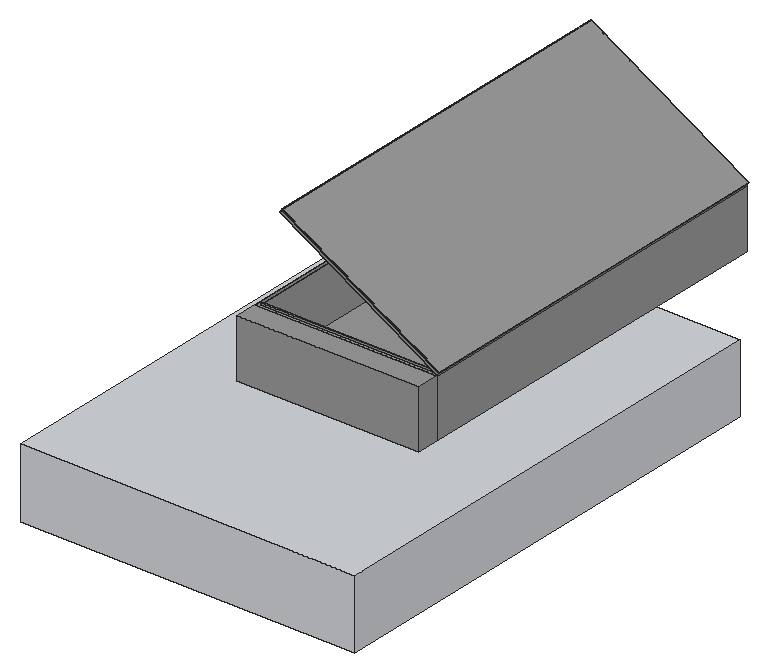
Revit family "Hager-Univers-IP55-D275-H1800-Cl.I-Steel_encl-CH-it", category Equipement électrique, Revit 2020
Family settings
  Hôte = Face
  Configuration du panneau = Deux colonnes, circuits au sein
  Cote de connecteur circulaire = Utiliser le diamètre
  Type d'élément = Tableau de raccordement
  Couper avec des vides une fois chargée = Non
  Partagée = Non
  Point de calcul de pièce = Non
Parameters (values of type "montaggio a pavimento IP55 L800 A1800 P275  - FR13E1")
  Width Control [instance] = if([EF000008 - Larghezza] > Min Width, [EF000008 - Larghezza], Min Width)  # 800 mm
  Commentaires du type = [HG000003 - Gamma]  # "Univers"
  Thickness Door [instance] = if([EF009171 - spessore materiale porta/coperchio] > 3 mm, 3 mm, [EF009171 - spessore materiale porta/coperchio])  # 1.5 mm
  Seal Frame Offset [instance] = 17 mm  # constant formula
  Plinth Visibility [instance] = [HG000027 - Altezza dello zoccolo] > 0 mm  # yes
  Model = ""
  Min Width [instance] = 100 mm  # constant formula
  Min Height [instance] = 100 mm  # constant formula
  Min Depth [instance] = (2 * [EF009170 - spessore materiale scatola]) + 1 mm  # 4 mm
  Internal Frame Depth [instance] = (Door System Depth * 0.5)  # 9 mm
  Height Control [instance] = if([EF000040 - Altezza] > Min Height, [EF000040 - Altezza], Min Height)  # 1800 mm
  HG000027 - Altezza dello zoccolo = 100 mm
  HG000026 - A pavimento = yes
  HG000024 - Altezza della sezione inferiore = 800 mm
  HG000023 - Custodia a doppia sezione = no
  HG000016 - Visibilità delle porte nella vista 3D [instance] = yes
  HG000015 - Visibilità attraverso la porta [instance] = no
  HG000014 - Porta destra [instance] = yes
  HG000013 - Porta sinistra [instance] = not([HG000014 - Porta destra])  # no
  HG000012 - Angolo di apertura della porta [instance] = 30.00°
  HG000010 - Porte asimmetriche = no
  HG000009 - Porta doppia a battente = no
  HG000006 - Ad incasso = no
  HG000004 - Codice produttore = "FR13E1"
  HG000003 - Gamma = "Univers"
  HG000002 - Con porta = yes
  Frame Offset Bottom [instance] = 10 mm  # constant formula
  Frame Offset [instance] = 15 mm  # constant formula
  EF015940 - Coprire con rilascio di sovrapressione = no
  EF011959 - tipo di protezione (NEMA) = ""
  EF009554 - numero delle aperture per la piastra della flangia = 6
  Fabricant = "Hager"  # constant formula
  EF009212 - esecuzione coperchio = "EV000116 - chiuso"
  EF009171 - spessore materiale porta/coperchio = 1.5 mm
  EF009170 - spessore materiale scatola = 1.5 mm
  EF008873 - corrente nominale (In) = 800 A
  EF007800 - adatto per parafulmine = no
  EF006306 - con serratura = no
  EF006244 - coperchio/porta trasparente = no
  EF005474 - grado di protezione (IP) = "EV006420 - IP55"
  EF004464 - tipo di porta = "EV002646 - singolo"
  EF004427 - numero di moduli = 396
  EF004293 - resistenza agli urti = "EV008784 - IK10"
  EF003532 - adatto per uso esterno = no
  EF002950 - Numero moduli DIN = 24
  EF001613 - Integrità del circuito = "EV000494 - senza"
  EF001596 - Attacco Lampada = "EV000179 - acciaio"
  EF001131 - profondità interna = 275 mm
  EF001088 - possibilità di applicazione = yes
  EF000437 - numero di ingressi per conduttori = 6
  EF000339 - tipo di copertura = "EV004216 - porta"
  EF000266 - numero di file = 11
  EF000218 - profondità di incasso = 0 mm
  EF000118 - con piastra di montaggio = no
  EF000116 - numero RAL = "7035"
  EF000049 - profondità = 275 mm
  EF000040 - Altezza = 1800 mm
  EF000008 - Larghezza = 800 mm
  EF000007 - colore = "EV000270 - grigio"
  EF000003 - Tipo di montaggio = "EV012274 - montaggio a pavimento"
  Door System Leaf Tolerance [instance] = 1.5 mm  # constant formula
  Door System Depth [instance] = 18 mm  # constant formula
  Door Height [instance] = Height Control - [HG000027 - Altezza dello zoccolo]  # 1700 mm
  Depth Control [instance] = if([EF000049 - profondità] > Min Depth, [EF000049 - profondità], Min Depth)  # 275 mm
  Default Elevation = 0 mm
  Connector Offset [instance] = Height Control / 2  # 900 mm
  Bottom Top Plate Trim [instance] = 1.5 mm  # constant formula
  Plinth height Ctrl [instance] = if([HG000027 - Altezza dello zoccolo] > 0 mm, [HG000027 - Altezza dello zoccolo], 12 mm)  # 100 mm
Types (5, lengths in mm): name | Width Control | HG000010 - Porte asimmetriche | HG000009 - Porta doppia a battente | HG000004 - Codice produttore | EF009554 - numero delle aperture per la piastra della flangia | EF004464 - tipo di porta | EF004427 - numero di moduli | EF000437 - numero di ingressi per conduttori | EF000008 - Larghezza
  montaggio a pavimento IP55 L1050 A1800 P275  - FR14E1 | 1050 | yes | yes | "FR14E1" | 8 | "EV003602 - doppio" | 528 | 8 | 1050
  montaggio a pavimento IP55 L1300 A1800 P275  - FR15E1 | 1300 | yes | yes | "FR15E1" | 10 | "EV003602 - doppio" | 660 | 10 | 1300
  montaggio a pavimento IP55 L300 A1800 P275  - FR11E1 | 300 | no | no | "FR11E1" | 2 | "EV002646 - singolo" | 132 | 2 | 300
  montaggio a pavimento IP55 L550 A1800 P275  - FR12E1 | 550 | no | no | "FR12E1" | 4 | "EV002646 - singolo" | 264 | 4 | 550
  montaggio a pavimento IP55 L800 A1800 P275  - FR13E1 | 800 | no | no | "FR13E1" | 6 | "EV002646 - singolo" | 396 | 6 | 800
Reference planes
  plane 1 "Center (Front/Back)": y = 0
  plane 2: z = 0
  plane 3 "Center (Left/Right)": x = 0
  plane 4: z = 275
  plane 5: y = 101.5
  plane 6: y = 950
  plane 7: y = 100
  plane 8: y = 1800
  plane 9: z = 0
  plane 10: x = -385
  plane 11: x = 385
  plane 12: x = 383.5
  plane 13: x = -383.5
  plane 14: y = 1798.5
  plane 15: x = -383
  plane 16: x = -400
  plane 17: x = 383
  plane 18: x = 400
  plane 19: x = 398.5
  plane 20: x = -398.5
  plane 21: y = 111.5
  plane 22: y = 1800
  plane 23: y = 1783.5
  plane 24: z = 257
  plane 25: z = 1.5
  plane 26: z = 255.5
  plane 27: z = 273.5
Forms (mm)
  Extrusion 1, solid
    sketch origin (0, 0, 0) x (1, 0, 0) y (0, 1, 0)
      loop
        line (-702.964, 1305) -> (-702.964, -811.445) -> (766.763, -811.445) -> (766.763, 1305) -> (-702.964, 1305)
    from 0 to -304.8
  Extrusion 2, solid, material "Hager_Steel_RAL7035_Light_Grey", visible <- "Plinth Visibility", detail levels medium+fine
    sketch origin (0, 0, 0) x (1, 0, 0) y (0, 1, 0)
      loop
        line (-400, 0) -> (400, 0) -> (400, 100) -> (-400, 100) -> (-400, 0)
    from 0 to 257
  Extrusion 3, solid, material "Hager_Steel_RAL7035_Light_Grey", detail levels medium+fine
    sketch origin (0, 0, 0) x (1, 0, 0) y (0, 1, 0)
      loop
        line (-400, 100) -> (400, 100) -> (400, 1800) -> (-400, 1800) -> (-400, 100)
    from 0 to 257
  Extrusion 4, void
    sketch origin (0, 0, 0) x (1, 0, 0) y (0, 1, 0)
      loop
        line (-398.5, 101.5) -> (398.5, 101.5) -> (398.5, 1798.5) -> (-398.5, 1798.5) -> (-398.5, 101.5)
    from 1.5 to 255.5
  Extrusion 5, void
    sketch origin (-381.607, -4572, 257) x (0, -1, 0) y (-1, 0, 0)
      loop
        line (-4683.5, 1.893) -> (-6355.5, 1.893) -> (-6355.5, -765.107) -> (-4683.5, -765.107) -> (-4683.5, 1.893)
    from 0 to 1.5 <- "EF009170 - spessore materiale scatola"
  Extrusion 6, solid, material "Hager_Steel_RAL7035_Light_Grey", detail levels fine
    sketch origin (0, 0, 257) x (1, 0, 0) y (0, 1, 0)
      loop
        line (-383.5, 1783.5) -> (-383.5, 111.5) -> (383.5, 111.5) -> (383.5, 1783.5) -> (-383.5, 1783.5)
      loop
        line (-385, 110) -> (385, 110) -> (385, 1785) -> (-385, 1785) -> (-385, 110)
    from 0 to 9 <- "Internal Frame Depth"
  Extrusion 7, solid, material "Hager_Steel_RAL7035_Light_Grey", detail levels coarse
    sketch origin (0, 0, 0) x (1, 0, 0) y (0, 1, 0)
      loop
        line (-400, 0) -> (400, 0) -> (400, 1800) -> (-400, 1800) -> (-400, 0)
    from 0 to 275
  Sweep 8, void
    path in 3D
      loop
        line (-400, 100, 0) -> (400, 100, 0) -> (400, 100, 257) -> (-400, 100, 257) -> (-400, 100, 0)
    profile origin (-400, 100, 128.5) x (-1, 0, 0) y (0, -1, 0)
      loop
        line (0, 0) -> (0, 1.5) -> (-1.5, 1.5)
        arc (-1.5, 1.5) -> (-1.061, 0.439) -> (0, 0) r 1.5
Cuts and joins
  Extrusion 4, Extrusion 5 cuts Extrusion 3
  Sweep 8 cuts Extrusion 2
Lines and regions (mm)
  Masking region 1
    outline origin (0, 0, 0) x (1, 0, 0) y (0, 0, 1)
      loop
        line (-400, 275) -> (-400, 0) -> (400, 0) -> (400, 275) -> (-400, 275)
  Masking region 2, detail levels medium+fine
    outline origin (0, 140, 0) x (0, 1, 0) y (0, 0, 1)
      loop
        line (-40, 0) -> (1660, 0) -> (1660, 257) -> (-40, 257) -> (-40, 0)
  Masking region 3, not visible, detail levels medium+fine
    outline origin (0, 297.922, 0) x (0, 1, 0) y (0, 0, 1)
      loop
        line (663.578, 0) -> (703.578, 0) -> (703.578, 263.5)
        arc (703.578, 263.5) -> (700.649, 270.571) -> (693.578, 273.5) r 10
        line (693.578, 273.5) -> (663.578, 273.5) -> (663.578, 0)
  Masking region 4, detail levels coarse
    outline origin (0, 0, 180) x (0, 1, 0) y (0, 0, 1)
      loop
        line (0, -180) -> (1800, -180) -> (1800, 95) -> (0, 95) -> (0, -180)
  Masking region 5, visible <- "Plinth Visibility", detail levels medium+fine
    outline origin (0, 52.24, 12.345) x (0, 0, -1) y (0, 1, 0)
      loop
        line (10.845, 47.76) -> (-243.155, 47.76)
        arc (-243.155, 47.76) -> (-243.594, 46.699) -> (-244.655, 46.26) r 1.5
        line (-244.655, 46.26) -> (-244.655, -52.24) -> (12.345, -52.24) -> (12.345, 46.26)
        arc (12.345, 46.26) -> (11.285, 46.699) -> (10.845, 47.76) r 1.5
  Masking region 6, detail levels medium+fine
    outline origin (-381.607, -4572, 257) x (-1, 0, 0) y (0, -1, 0)
      loop
        line (18.393, -6372) -> (18.393, -4672) -> (-781.607, -4672) -> (-781.607, -6372) -> (18.393, -6372)
  Masking region 7, visible <- "Plinth Visibility", detail levels medium+fine
    outline origin (-381.607, -4727, 257) x (-1, 0, 0) y (0, -1, 0)
      loop
        arc (16.893, -4827) -> (17.332, -4825.939) -> (18.393, -4825.5) r 1.5
        line (18.393, -4825.5) -> (18.393, -4727) -> (-781.607, -4727) -> (-781.607, -4825.5)
        arc (-781.607, -4825.5) -> (-780.546, -4825.939) -> (-780.107, -4827) r 1.5
        line (-780.107, -4827) -> (16.893, -4827)
  Masking region 8, detail levels coarse
    outline origin (-442.548, -4669.526, 257) x (-1, 0, 0) y (0, -1, 0)
      loop
        line (-42.548, -6469.526) -> (-42.548, -4669.526) -> (-842.548, -4669.526) -> (-842.548, -6469.526) -> (-42.548, -6469.526)
  sketch lines
    curve 1: line (-400, 100, 257) -> (-400, 100, 0)
    curve 2: line (400, 100, 257) -> (-400, 100, 257)
    curve 3: line (400, 100, 257) -> (400, 100, 0)
    curve 4: line (-400, 100, 0) -> (400, 100, 0)
Dimensions and locks
  "Depth Control": plane 4 to Extrusion 1
  "HG000027 - Altezza dello zoccolo": plane 1 "Center (Front/Back)" to plane 7
  "EF009170 - spessore materiale scatola": plane 5 to plane 7
  locked: connector elem to plane 3 "Center (Left/Right)"
  equal spacing: plane 8, plane 6, plane 7
  locked: connector elem to plane 6
  "EF009170 - spessore materiale scatola": plane 8 to plane 14
  "EF009170 - spessore materiale scatola": plane 10 to plane 13
  "EF009170 - spessore materiale scatola": plane 12 to plane 11
  "Frame Offset": plane 20 to plane 13
  "Frame Offset": plane 12 to plane 19
  "EF009170 - spessore materiale scatola": plane 16 to plane 20
  "EF009170 - spessore materiale scatola": plane 19 to plane 18
  "Seal Frame Offset": plane 16 to plane 15
  "Seal Frame Offset": plane 17 to plane 18
  "Frame Offset Bottom": plane 21 to plane 5
  "Frame Offset": plane 14 to plane 23
  equal spacing: plane 16, plane 3 "Center (Left/Right)", plane 18
  "Width Control": plane 16 to plane 18
  "EF009170 - spessore materiale scatola": plane 4 to plane 27
  "EF009170 - spessore materiale scatola": plane 24 to plane 26
  "EF009170 - spessore materiale scatola": plane 25 to level
  "Door System Depth": plane 4 to plane 24
  "Height Control": plane 1 "Center (Front/Back)" to Extrusion 7 sketch curve
  "Height Control": Masking region 4 sketch curve to plane 1 "Center (Front/Back)"
  "Height Control": plane 1 "Center (Front/Back)" to plane 22
  "Bottom Top Plate Trim": profile plane to Sweep 8 sketch curve
  "Bottom Top Plate Trim": Sweep 8 sketch curve to profile plane
  "Plinth height Ctrl": plane 1 "Center (Front/Back)" to Extrusion 2 sketch curve
  "Plinth height Ctrl": Masking region 5 sketch curve to plane 1 "Center (Front/Back)"
  "Plinth height Ctrl": plane 1 "Center (Front/Back)" to Masking region 7 sketch curve
  "Thickness Door": Extrusion 6 sketch curve to Extrusion 6 sketch curve  (x3)
  "Thickness Door": cut or joined group of Extrusion 3, Extrusion 4, Extrusion 5 to Extrusion 6 sketch curve
  radius of Masking region 3 sketch curve = 10 mm
  "Bottom Top Plate Trim": radius of Masking region 5 sketch curve  (x2)
  "Bottom Top Plate Trim": radius of Sweep 8 sketch curve
  "Bottom Top Plate Trim": radius of Masking region 7 sketch curve  (x2)
  aligned and locked: plane 2 to Extrusion 1
  aligned and locked: level to Extrusion 1
  aligned and locked: level to Masking region 1 sketch curve
  aligned and locked: Masking region 1 sketch curve to plane 18
  aligned and locked: Masking region 1 sketch curve to plane 16
  aligned and locked: plane 7 to Masking region 2 sketch curve
  aligned and locked: level to Masking region 3 sketch curve
  aligned and locked: Masking region 3 sketch curve to plane 27
  aligned and locked: level to Masking region 2 sketch curve
  aligned and locked: plane 1 "Center (Front/Back)" to Extrusion 2 sketch curve
  aligned and locked: Extrusion 3 sketch curve to plane 7
  aligned and locked: plane 16 to Extrusion 3 sketch curve
  aligned and locked: plane 18 to Extrusion 3 sketch curve
  aligned and locked: plane 20 to Extrusion 4 sketch curve
  aligned and locked: plane 19 to Extrusion 4 sketch curve
  aligned and locked: Extrusion 4 sketch curve to plane 5
  aligned and locked: Extrusion 4 to plane 25
  aligned and locked: plane 26 to Extrusion 4
  aligned and locked: plane 24 to Extrusion 3
  aligned and locked: Extrusion 5 sketch curve to plane 21
  aligned and locked: Extrusion 5 sketch curve to plane 13
  aligned and locked: Extrusion 5 sketch curve to plane 12
  aligned and locked: plane 18 to Extrusion 7 sketch curve
  aligned and locked: plane 1 "Center (Front/Back)" to Extrusion 7 sketch curve
  aligned and locked: plane 16 to Extrusion 7 sketch curve
  aligned and locked: plane 4 to Extrusion 7
  aligned and locked: Extrusion 7 to level
  aligned and locked: level to Masking region 4 sketch curve
  aligned and locked: Masking region 4 sketch curve to plane 1 "Center (Front/Back)"
  aligned and locked: Masking region 4 sketch curve to plane 4
  aligned and locked: nested 1 to level
  aligned and locked: nested 1 to plane 16
  aligned and locked: plane 8 to Extrusion 3 sketch curve
  aligned and locked: plane 23 to Extrusion 5 sketch curve
  aligned and locked: plane 14 to Extrusion 4 sketch curve
  aligned and locked: Masking region 2 sketch curve to plane 8
  aligned and locked: level to Masking region 5 sketch curve
  aligned and locked: plane 16 to Extrusion 2 sketch curve
  aligned and locked: plane 18 to Extrusion 2 sketch curve
  aligned and locked: Masking region 5 sketch curve to plane 24
  aligned and locked: Masking region 2 sketch curve to plane 24
  aligned and locked: plane 24 to Extrusion 2
  aligned and locked: profile plane to Sweep 8 sketch curve  (x2)
  aligned and locked: Masking region 6 sketch curve to plane 18
  aligned and locked: Masking region 6 sketch curve to plane 22
  aligned and locked: Masking region 6 sketch curve to plane 16
  aligned and locked: plane 8 to plane 22
  aligned and locked: Masking region 6 sketch curve to plane 7
  aligned and locked: Masking region 7 sketch curve to plane 16
  aligned and locked: Masking region 7 sketch curve to plane 1 "Center (Front/Back)"
  aligned and locked: Masking region 7 sketch curve to plane 18
  aligned and locked: Masking region 8 sketch curve to plane 1 "Center (Front/Back)"
  aligned and locked: Masking region 8 sketch curve to plane 18
  aligned and locked: Masking region 8 sketch curve to plane 22
  aligned and locked: Masking region 8 sketch curve to plane 16
  aligned and locked: nested 2 to plane 7
  aligned and locked: plane 3 "Center (Left/Right)" to nested 2
  aligned and locked: nested 2 to plane 24
  aligned and locked: Extrusion 6 sketch curve to cut or joined group of Extrusion 3, Extrusion 4, Extrusion 5  (x4)
Automatic sketch dimensions
  Extrusion 1 sketch curve to Extrusion 1 sketch curve = 1469.727 mm
  Extrusion 1 sketch curve to Extrusion 1 sketch curve = 2116.445 mm
  Masking region 1 sketch curve to plane 4 = 0 mm
  plane 6 to Masking region 3 sketch curve = 11.5 mm
  Masking region 3 sketch curve to Masking region 3 sketch curve = 30 mm
  Masking region 5 sketch curve to plane 1 "Center (Front/Back)" = 0 mm
Nested families
  nested 1: "Hager_Enclosure_Symbol" at (-400, 0, 0) x (1, 0, 0) z (0, -1, 0), Height <- "Depth Control", Width <- "Width Control", type "Hager_Enclosure_Symbol"
    with Width_Ctrl 800 mm, Width 800 mm, Height_Ctrl 275 mm, Height 275 mm, A_Width_Int 18.047 mm, A_Width 216.562 mm, A_Height_Ctrl 240.625 mm, A_Height 240.625 mm
  nested 2: "EC000058_Univers_Door" at (0, 100, 257) x (1, 0, 0) z (0, 1, 0), Leaf_Tolerance <- "Door System Leaf Tolerance", Angle <- "HG000012 - Angolo di apertura della porta", Door_Depth <- "Door System Depth", Door_Left <- "HG000013 - Porta sinistra", Transparent <- "EF006244 - coperchio/porta trasparente", Assymetrical <- "HG000010 - Porte asimmetriche", Width <- "Width Control", Clearance <- "HG000015 - Visibilità attraverso la porta", Double <- "HG000009 - Porta doppia a battente", 3d_Door <- "HG000016 - Visibilità delle porte nella vista 3D", Lock_Visibility <- "EF006306 - con serratura", Width_Ctrl <- "Width Control", Door_Right <- "HG000014 - Porta destra", Door <- "HG000002 - Con porta", Height <- "Door Height", Thickness <- "Thickness Door", type "EC000058_Univers_Door", detail levels medium+fine
    with min_wh 4 mm, Width_Ctrl 800 mm, Width 800 mm, Transparent no, Thickness 1.5 mm, Seal_Material Hager_Rubber, Lock_Visibility no, Lock_Material Hager_Plastic_RAL9005_Jet_Black, Leaf_Width 800 mm, Leaf_Tolerance_External_Sides 0 mm, Leaf_Tolerance 1.5 mm, Leaf_Offset 0 mm, Leaf_Height 1697 mm, Leaf_2_Width 800 mm, Leaf_2_Offset 400 mm, Leaf_1_Width 800 mm, Leaf_1_Offset 400 mm, Height_Ctrl 1700 mm, Height 1700 mm, Glass_Material Hager_Glass, Double_Clearance_Ctrl no, Double no, Door_Right_Ctrl yes, Door_Right yes, Door_Material Hager_Steel_RAL7035_Light_Grey, Door_Left_Ctrl no, Door_Left no, Door_Depth 18 mm, Door yes, Clearance_Material Hager_Clearance, Clearance_Depth 800 mm, Clearance_Ctrl no, Clearance no, Assymetrical no, Angle 30.00°, 3d_Door yes
Connectors
  electrical at (0, 950, 0)
    settings: on plane 9, index 1, voltage 0 V, apparent load 0 VA, apparent load phase1 0 VA, apparent load phase2 0 VA, apparent load phase3 0 VA, power factor 1, load classification "Other", number of poles 1, system type 30, power factor state 1, is connector primary yes, connector utility no, sub classification motor no, connector description ""
Definition of nested family "EC000058_Univers_Door"
  Parameters (values of type "EC000058_Univers_Door")
    min_wh [instance] = (2 * Thickness) + 1 mm  # 11 mm
    Width_Ctrl [instance] = 400 mm
    Width [instance] = 500 mm
    Transparent [instance] = yes
    Thickness [instance] = 5 mm
    Seal_Material [instance] = none
    Lock_Visibility [instance] = yes
    Lock_Material [instance] = none
    Leaf_Width [instance] = if((Width_Ctrl - 2 * Leaf_Tolerance_External_Sides) > 0 mm, (Width_Ctrl - 2 * Leaf_Tolerance_External_Sides), min_wh)  # 400 mm
    Leaf_Tolerance_External_Sides [instance] = 0 mm  # constant formula
    Leaf_Tolerance [instance] = 1.5 mm
    Leaf_Offset [instance] = 0 mm  # constant formula
    Leaf_Height [instance] = if((Height_Ctrl - 2 * Leaf_Tolerance) > 0 mm, (Height_Ctrl - 2 * Leaf_Tolerance), min_wh)  # 497 mm
    Leaf_2_Width [instance] = if(and(and(Double, Assymetrical), Door_Left), (Leaf_Width / 3) - (Leaf_Tolerance / 2), if(and(and(Double, Assymetrical), Door_Right), (Leaf_Width / 3) * 2 - (Leaf_Tolerance / 2), if(and(Double, not(Assymetrical)), (Leaf_Width / 2) - Leaf_Tolerance, Leaf_Width)))  # 400 mm
    Leaf_2_Offset [instance] = if(and(Double, Assymetrical), Leaf_2_Width / 2, if(and(Double, not(Assymetrical)), Leaf_Width / 4, Leaf_Width / 2))  # 200 mm
    Leaf_1_Width [instance] = if(and(and(Double, Assymetrical), Door_Right), (Leaf_Width / 3) - (Leaf_Tolerance / 2), if(and(and(Double, Assymetrical), Door_Left), (Width / 3) * 2 - (Leaf_Tolerance / 2), if(and(Double, not(Assymetrical)), (Leaf_Width / 2) - Leaf_Tolerance, Leaf_Width)))  # 400 mm
    Leaf_1_Offset [instance] = if(and(Double, Assymetrical), Leaf_1_Width / 2, if(and(Double, not(Assymetrical)), Leaf_Width / 4, Leaf_Width / 2))  # 200 mm
    Height_Ctrl [instance] = if(Height > min_wh, Height, min_wh)  # 500 mm
    Height [instance] = 500 mm
    Glass_Material [instance] = none
    Double_Clearance_Ctrl [instance] = and(Double, Clearance)  # no
    Double [instance] = no
    Door_Right_Ctrl [instance] = and(or(Door_Right, Double), Door)  # yes
    Door_Right [instance] = yes
    Door_Material [instance] = none
    Door_Left_Ctrl [instance] = and(or(Door_Left, Double), Door)  # no
    Door_Left [instance] = no
    Door_Depth [instance] = 30 mm
    Door [instance] = yes
    Default Elevation = 1219.2 mm
    Clearance_Material [instance] = none
    Clearance_Depth [instance] = if(Leaf_1_Width > Leaf_2_Width, Leaf_1_Width, Leaf_2_Width)  # 400 mm
    Clearance_Ctrl [instance] = and(not(Double), Clearance)  # yes
    Clearance [instance] = yes
    Assymetrical [instance] = yes
    Angle [instance] = 30.00°
    3d_Door [instance] = yes
  Reference planes
    plane 1 "Center (Front/Back)": y = 0
    plane 2 "Bottom": z = 0
    plane 3 "Center (Left/Right)": x = 0
    plane 4: z = 500
    plane 5: x = -200
    plane 6: x = 200
    plane 7: z = 500
    plane 8: x = -200
    plane 9: z = 0
    plane 10: x = 200
    plane 11: y = 0
    plane 12: z = 1.5
    plane 13: x = -600
    plane 14: y = -400
    plane 15: x = 600
    plane 16: x = 0
    plane 17: x = 0
    plane 18: x = -200
    plane 19: x = 200
    plane 20: z = 498.5
  Forms (mm)
    Extrusion 1, solid, material <- "Clearance_Material", visible <- "Double_Clearance_Ctrl"
      sketch origin (1200, 0, 0) x (1, 0, 0) y (0, 0, -1)
        loop
          line (-1800, -498.5) -> (-600, -498.5) -> (-600, 0) -> (-1800, 0) -> (-1800, -498.5)
      from 0 to -400
  Dimensions and locks
    equal spacing: plane 5, plane 3 "Center (Left/Right)", plane 6
    "Width_Ctrl": plane 5 to plane 6
    "Leaf_Offset": plane 5 to plane 8
    "Leaf_Offset": plane 6 to plane 10
    "Leaf_Offset": plane 9 to level
    "Leaf_Offset": plane 4 to plane 7
    "Height_Ctrl": plane 4 to level
    "Leaf_Tolerance": plane 12 to plane 9
    locked: plane 11 to plane 1 "Center (Front/Back)"
    "Leaf_1_Offset": plane 18 to plane 16
    "Leaf_2_Offset": plane 17 to plane 19
    "Leaf_1_Width": plane 13 to plane 8
    "Leaf_2_Width": plane 10 to plane 15
    "Clearance_Depth": plane 14 to plane 1 "Center (Front/Back)"
    "Leaf_Tolerance_External_Sides": plane 8 to plane 18
    "Leaf_Tolerance_External_Sides": plane 19 to plane 10
    "Leaf_Tolerance": plane 7 to plane 20
    aligned and locked: level to plane 2 "Bottom"
    aligned and locked: nested 1 to plane 16
    aligned and locked: nested 2 to plane 17
    aligned and locked: Extrusion 1 to plane 13
    aligned and locked: plane 15 to Extrusion 1
    aligned and locked: Extrusion 1 to plane 14
    aligned and locked: plane 12 to nested 1
    aligned and locked: nested 2 to plane 12
    aligned and locked: Extrusion 1 to plane 11
    aligned and locked: plane 20 to Extrusion 1
    aligned and locked: nested 2 to plane 11
    aligned and locked: nested 1 to plane 11
  Automatic sketch dimensions
    Extrusion 1 sketch curve to level = 0 mm
    plane 5 to Extrusion 1 sketch curve = 400 mm
    plane 6 to Extrusion 1 sketch curve = 400 mm
    Extrusion 1 sketch curve to plane 4 = 1.5 mm
  Nested families
    nested 1: "EC000058_Univers_Door_Leaf" at (0, 0, 1.5), Width <- "Leaf_1_Width", visible <- "Door_Left_Ctrl", Leaf_Height <- "Leaf_Height", Angle <- "Angle", 3d_Door <- "3d_Door", Transparent <- "Transparent", Clearance Material <- "Clearance_Material", Clearance <- "Clearance_Ctrl", Door_Material <- "Door_Material", Glass_Material <- "Glass_Material", Door_Depth <- "Door_Depth", Lock_Material <- "Lock_Material", Seal_Material <- "Seal_Material", Lock_Visibility <- "Lock_Visibility", Thickness <- "Thickness", type "EC000058_Univers_Door_Leaf"
      with Width 400 mm, Transparent_Glass_Offset 30 mm, Transparent_Ctrl yes, Transparent yes, Thickness 5 mm, Standard no, Seal_Material none, Seal_D2 8 mm, Seal_D1 1 mm, Offset_Internal_Frame 10 mm, Lock_Width 20 mm, Lock_Visibility_3d yes, Lock_Visibility yes, Lock_Thickness_3 3 mm, Lock_Thickness_2 1 mm, Lock_Thickness_1 3 mm, Lock_Radius_Offset_2 16 mm, Lock_Radius_Offset_1 15 mm, Lock_Radius_2 5 mm, Lock_Radius 6 mm, Lock_Offset 5 mm, Lock_Material none, Lock_Height 80 mm, Lock_Cover_Top_Offset_2d 17 mm, Lock_Cover_Height -65 mm, Leaf_Height 497 mm, Internal_Seal_Thickness 8 mm, Internal_Seal_Depth_2 4.5 mm, Internal_Frame_Depth 25 mm, Glass_Thickness -1 mm, Glass_Offset -2 mm, Glass_Material none, Door_Material none, Door_Depth 30 mm, Clearance Material none, Clearance yes, Angle_Ctrl 30.00°, Angle 30.00°, 3d_Door yes
    nested 2: "EC000058_Univers_Door_Leaf" at (0, 0, 1.5) x (-1, 0, 0) z (0, 0, 1), Width <- "Leaf_2_Width", visible <- "Door_Right_Ctrl", Leaf_Height <- "Leaf_Height", Angle <- "Angle", 3d_Door <- "3d_Door", Transparent <- "Transparent", Clearance Material <- "Clearance_Material", Clearance <- "Clearance_Ctrl", Door_Material <- "Door_Material", Glass_Material <- "Glass_Material", Door_Depth <- "Door_Depth", Lock_Material <- "Lock_Material", Seal_Material <- "Seal_Material", Lock_Visibility <- "Lock_Visibility", Thickness <- "Thickness", type "EC000058_Univers_Door_Leaf"
      with Width 400 mm, Transparent_Glass_Offset 30 mm, Transparent_Ctrl yes, Transparent yes, Thickness 5 mm, Standard no, Seal_Material none, Seal_D2 8 mm, Seal_D1 1 mm, Offset_Internal_Frame 10 mm, Lock_Width 20 mm, Lock_Visibility_3d yes, Lock_Visibility yes, Lock_Thickness_3 3 mm, Lock_Thickness_2 1 mm, Lock_Thickness_1 3 mm, Lock_Radius_Offset_2 16 mm, Lock_Radius_Offset_1 15 mm, Lock_Radius_2 5 mm, Lock_Radius 6 mm, Lock_Offset 5 mm, Lock_Material none, Lock_Height 80 mm, Lock_Cover_Top_Offset_2d 17 mm, Lock_Cover_Height -65 mm, Leaf_Height 497 mm, Internal_Seal_Thickness 8 mm, Internal_Seal_Depth_2 4.5 mm, Internal_Frame_Depth 25 mm, Glass_Thickness -1 mm, Glass_Offset -2 mm, Glass_Material none, Door_Material none, Door_Depth 30 mm, Clearance Material none, Clearance yes, Angle_Ctrl 30.00°, Angle 30.00°, 3d_Door yes
  Definition of nested family "EC000058_Univers_Door_Leaf"
    Parameters (values of type "EC000058_Univers_Door_Leaf")
      Width [instance] = 2000 mm
      Transparent_Glass_Offset [instance] = 30 mm
      Transparent_Ctrl [instance] = and(Transparent, [3d_Door])  # yes
      Transparent [instance] = yes
      Thickness [instance] = 5 mm
      Standard [instance] = and(not(Transparent), [3d_Door])  # no
      Seal_Material [instance] = none
      Seal_D2 [instance] = 8 mm  # constant formula
      Seal_D1 [instance] = 1 mm  # constant formula
      Offset_Internal_Frame [instance] = 10 mm  # constant formula
      Lock_Width [instance] = 20 mm  # constant formula
      Lock_Visibility_3d [instance] = and(Lock_Visibility, [3d_Door])  # yes
      Lock_Visibility [instance] = yes
      Lock_Thickness_3 [instance] = 3 mm  # constant formula
      Lock_Thickness_2 [instance] = 1 mm  # constant formula
      Lock_Thickness_1 [instance] = 3 mm  # constant formula
      Lock_Radius_Offset_2 [instance] = Lock_Radius_Offset_1 + 1 mm  # 16 mm
      Lock_Radius_Offset_1 [instance] = 15 mm  # constant formula
      Lock_Radius_2 [instance] = Lock_Radius - 1 mm  # 5 mm
      Lock_Radius [instance] = 6 mm  # constant formula
      Lock_Offset [instance] = 5 mm  # constant formula
      Lock_Material [instance] = none
      Lock_Height [instance] = 80 mm  # constant formula
      Lock_Cover_Top_Offset_2d [instance] = Lock_Radius_Offset_2 + 1 mm  # 17 mm
      Lock_Cover_Height [instance] = -(Lock_Height - Lock_Radius_Offset_1)  # -65 mm
      Leaf_Height [instance] = 2720.336 mm
      Internal_Seal_Thickness [instance] = 8 mm  # constant formula
      Internal_Seal_Depth_2 [instance] = 4.5 mm  # constant formula
      Internal_Frame_Depth [instance] = if(Door_Depth - Thickness > 5 mm, Door_Depth - Thickness, 5 mm)  # 25 mm
      Glass_Thickness [instance] = if(Thickness > 15 mm, Glass_Offset + 10 mm, -1 mm)  # -1 mm
      Glass_Offset [instance] = if(Thickness > 15 mm, -(Thickness + 10 mm) / 2, -2 mm)  # -2 mm
      Glass_Material [instance] = none
      Door_Material [instance] = none
      Door_Depth [instance] = 30 mm
      Default Elevation = 0 mm
      Clearance Material [instance] = none
      Clearance [instance] = yes
      Angle_Ctrl [instance] = if(Angle > 180.00°, 180.00°, Angle)  # 90.00°
      Angle [instance] = 90.00°
      3d_Door [instance] = yes
    Reference planes
      plane 1 "Center (Front/Back)": y = 0
      plane 2: z = 0
      plane 3 "Center (Left/Right)": x = 0
      plane 4: y = 2000
      plane 5: x = -1000
      plane 6: x = 1000
      plane 7: x = -3000
      plane 8: z = 2720.336
      plane 9: z = 30
      plane 10: z = 2690.336
      plane 11: x = 970
      plane 12: x = -970
      plane 13: y = -3
      plane 14: z = 107.833
      plane 15: y = -5
      plane 16: y = -223.314
      plane 17: x = -1000
      plane 18: z = 1360.168
      plane 19: y = 30
    Forms (mm)
      Extrusion 1, solid, material <- "Clearance Material", visible <- "Clearance"
        sketch origin (0, 0, 0) x (1, 0, 0) y (0, 0, 1)
          loop
            line (-3000, 2720.336) -> (-3000, 0) -> (1000, 0) -> (1000, 2720.336) -> (-3000, 2720.336)
        from 0 to -2000
      Extrusion 2, solid, material <- "Door_Material", visible <- "Standard", detail levels medium+fine
        sketch origin (-1000, 0, 0) x (0, 1, 0) y (-1, 0, 0)
          loop
            line (0, 30) -> (0, 25) -> (2000, 25) -> (2000, 30) -> (0, 30)
        from 0 to 2720.336 <- "Leaf_Height"
      Extrusion 3, solid, material <- "Door_Material", visible <- "Transparent_Ctrl", detail levels medium+fine
        sketch origin (-1000, 0, 0) x (0, 1, 0) y (-1, 0, 0)
          loop
            line (0, 25) -> (2000, 25) -> (2000, 30) -> (0, 30) -> (0, 25)
        from 0 to 2720.336 <- "Leaf_Height"
      Extrusion 4, void
        sketch origin (-1025, 2000, 0) x (0, 1, 0) y (0, 0, -1)
          loop
            line (-30, -2690.336) -> (-30, -30) -> (-1970, -30) -> (-1970, -2690.336) -> (-30, -2690.336)
        from 0 to 5 <- "Thickness"
      Sweep 5, solid, material <- "Seal_Material", visible <- "Transparent_Ctrl", detail levels fine
        path in 3D
          loop
            line (-1025, 30, 30) -> (-1025, 30, 2690.336) -> (-1025, 1970, 2690.336) -> (-1025, 1970, 30) -> (-1025, 30, 30)
        profile origin (-1025, 1000, 30) x (1, 0, 0) y (0, 0, 1)
          loop
            line (0, 0) -> (0, -8) -> (1, -8) -> (1, 0) -> (0, 0)
      Extrusion 6, solid, material <- "Glass_Material", visible <- "Transparent_Ctrl", detail levels medium+fine
        sketch origin (-1030, 0, 0) x (0, 1, 0) y (0, 0, -1)
          loop
            line (1970, -2690.336) -> (1970, -30) -> (30, -30) -> (30, -2690.336) -> (1970, -2690.336)
        from -2 <- "Glass_Offset" to -1 <- "Glass_Thickness"
      Extrusion 7, solid, material <- "Door_Material", visible <- "3d_Door", detail levels medium+fine
        sketch origin (-1025, 2000, 0) x (0, -1, 0) y (0, 0, -1)
          loop
            line (0, -2720.336) -> (2000, -2720.336) -> (2000, 0) -> (0, 0) -> (0, -2720.336)
          loop
            line (1995, -5) -> (5, -5) -> (5, -2715.336) -> (1995, -2715.336) -> (1995, -5)
        from 0 to 25 <- "Internal_Frame_Depth"
      Sweep 8, solid, material <- "Seal_Material", visible <- "Transparent_Ctrl", detail levels fine
        path in 3D
          loop
            line (-1025, 0, 0) -> (-1025, 2000, 0) -> (-1025, 2000, 2720.336) -> (-1025, 0, 2720.336) -> (-1025, 0, 0)
        profile origin (-1025, 0, 1360.168) x (1, 0, 0) y (0, 1, 0)
          loop
            line (0, 10) -> (2.975, 10)
            arc (2.975, 10) -> (4.053, 10.447) -> (4.5, 11.525) r 1.525
            line (4.5, 11.525) -> (4.5, 16.527)
            arc (4.5, 16.527) -> (4.069, 17.569) -> (3.027, 18) r 1.473
            line (3.027, 18) -> (0, 18) -> (0, 10)
      Extrusion 9, solid, material <- "Lock_Material", visible <- "Lock_Visibility_3d", detail levels fine
        sketch origin (-1030, 0, 0) x (0, 1, 0) y (0, 0, -1)
          loop
            arc (1993.5, -1400.168) -> (1994.561, -1399.729) -> (1995, -1398.668) r 1.5
            line (1995, -1398.668) -> (1995, -1320.168) -> (1975, -1320.168) -> (1975, -1398.668)
            arc (1975, -1398.668) -> (1975.439, -1399.729) -> (1976.5, -1400.168) r 1.5
            line (1976.5, -1400.168) -> (1993.5, -1400.168)
        from 3 <- "Lock_Thickness_1" to 0
      Blend 10, solid, material <- "Lock_Material", visible <- "Lock_Visibility_3d", detail levels fine
        base sketch origin (-1033, 0, 0) x (0, 1, 0) y (0, 0, -1)
          loop
            line (1975, -1320.168) -> (1975, -1398.668)
            arc (1975, -1398.668) -> (1975.439, -1399.729) -> (1976.5, -1400.168) r 1.5
            line (1976.5, -1400.168) -> (1993.5, -1400.168)
            arc (1993.5, -1400.168) -> (1994.561, -1399.729) -> (1995, -1398.668) r 1.5
            line (1995, -1398.668) -> (1995, -1320.168) -> (1975, -1320.168)
        top sketch origin (-1033, 0, 0) x (0, 1, 0) y (0, 0, -1)
          loop
            line (1976, -1320.168) -> (1976, -1398.668)
            arc (1976, -1398.668) -> (1976.146, -1399.022) -> (1976.5, -1399.168) r 0.5
            line (1976.5, -1399.168) -> (1993.5, -1399.168)
            arc (1993.5, -1399.168) -> (1993.854, -1399.022) -> (1994, -1398.668) r 0.5
            line (1994, -1398.668) -> (1994, -1320.168) -> (1976, -1320.168)
        from 0 to 1 <- "Lock_Thickness_2"
      Blend 11, solid, material <- "Lock_Material", visible <- "Lock_Visibility_3d", detail levels fine
        base sketch origin (-1034, 0, 0) x (0, 1, 0) y (0, 0, -1)
          loop
            line (1978, -1320.168) -> (1978, -1384.168)
            arc (1978, -1384.168) -> (1985, -1391.168) -> (1992, -1384.168) r 7
            line (1992, -1384.168) -> (1992, -1320.168) -> (1978, -1320.168)
        top sketch origin (-1034, 0, 0) x (0, 1, 0) y (0, 0, -1)
          loop
            line (1991, -1320.168) -> (1979, -1320.168) -> (1979, -1383.168)
            arc (1979, -1383.168) -> (1985, -1389.168) -> (1991, -1383.168) r 6
            line (1991, -1383.168) -> (1991, -1320.168)
        from 0 to 3 <- "Lock_Thickness_3"
      Extrusion 12, solid, material <- "Lock_Material", visible <- "Lock_Visibility_3d", detail levels fine
        sketch origin (-1030, 1975, 1320.168) x (1, 0, 0) y (0, -1, 0)
          loop
            line (-7, -19) -> (-7, -1) -> (0, -1) -> (0, 0) -> (-8, 0) -> (-8, -20) -> (0, -20) -> (0, -19) -> (-7, -19)
        from 0 to -65 <- "Lock_Cover_Height"
      Extrusion 13, void
        sketch origin (-1038, 1995, 1320.168) x (-1, 0, 0) y (0, 0, -1)
          loop
            line (-5, -65) -> (0, -65) -> (-5, -60) -> (-5, -65)
        from 0 to 20 <- "Lock_Width"
      Extrusion 14, void
        sketch origin (-1038, 1975, 1320.168) x (0, -1, 0) y (0, 0, -1)
          loop
            circle (-10, -15.995) r 6
          loop
            circle (-10, -15.995) r 5
        from 0 to 2
      Extrusion 15, solid, material <- "Lock_Material", visible <- "Lock_Visibility_3d", detail levels medium
        sketch origin (-1030, 0, 0) x (0, 1, 0) y (0, 0, -1)
          loop
            arc (1993.5, -1400.168) -> (1994.561, -1399.729) -> (1995, -1398.668) r 1.5
            line (1995, -1398.668) -> (1995, -1320.168) -> (1975, -1320.168) -> (1975, -1398.668)
            arc (1975, -1398.668) -> (1975.439, -1399.729) -> (1976.5, -1400.168) r 1.5
            line (1976.5, -1400.168) -> (1993.5, -1400.168)
        from 8 to 0
    Cuts and joins
      Extrusion 4 cuts Extrusion 3
      Extrusion 13, Extrusion 14 cuts Extrusion 9
      Extrusion 14 cuts Blend 11
      Extrusion 13, Extrusion 14 cuts Extrusion 12
      joined: Extrusion 9, Blend 10, Blend 11, Extrusion 12
      Extrusion 14 cuts Extrusion 15
    Lines and regions (mm)
      Masking region 1, visible <- "Lock_Visibility", detail levels fine
        outline origin (0, 0, 0) x (0, 1, 0) y (0, 0, 1)
          loop
            line (30, 1320.168) -> (33, 1320.168) -> (33, 1400.168) -> (30, 1400.168) -> (30, 1320.168)
      Masking region 2, visible <- "Lock_Visibility", detail levels fine
        outline origin (0, 3.143, 0) x (0, 1, 0) y (0, 0, 1)
          loop
            line (29.857, 1354.168) -> (30.857, 1354.168) -> (30.857, 1366.168) -> (29.857, 1366.168) -> (29.857, 1354.168)
      Masking region 3, detail levels medium+fine
        outline origin (0, 0, 0) x (0, 1, 0) y (0, 0, 1)
          loop
            line (0, 0) -> (30, 0) -> (30, 2720.336) -> (0, 2720.336) -> (0, 0)
      Masking region 4, detail levels medium+fine
        outline origin (0, 0, 0) x (1, 0, 0) y (0, 0, 1)
          loop
            line (-1000, 2720.336) -> (-1000, 0) -> (1000, 0) -> (1000, 2720.336) -> (-1000, 2720.336)
      Masking region 5, visible <- "Lock_Visibility", detail levels fine
        outline origin (-47.116, 0, 0) x (1, 0, 0) y (0, 0, 1)
          loop
            arc (1024.616, 1399.168) -> (1023.556, 1398.729) -> (1023.116, 1397.668) r 1.5
            line (1023.116, 1397.668) -> (1023.116, 1320.168) -> (1041.116, 1320.168) -> (1041.116, 1397.668)
            arc (1041.116, 1397.668) -> (1040.677, 1398.729) -> (1039.616, 1399.168) r 1.5
            line (1039.616, 1399.168) -> (1024.616, 1399.168)
      Masking region 6, visible <- "Lock_Visibility", detail levels medium+fine
        outline origin (-25, 0, 0) x (1, 0, 0) y (0, 0, 1)
          loop
            arc (1001.5, 1400.168) -> (1000.439, 1399.729) -> (1000, 1398.668) r 1.5
            line (1000, 1398.668) -> (1000, 1320.168) -> (1020, 1320.168) -> (1020, 1398.668)
            arc (1020, 1398.668) -> (1019.561, 1399.729) -> (1018.5, 1400.168) r 1.5
            line (1018.5, 1400.168) -> (1001.5, 1400.168)
      Masking region 7, visible <- "Lock_Visibility", detail levels fine
        outline origin (-73.735, 0, 0) x (1, 0, 0) y (0, 0, 1)
          loop
            line (1051.735, 1382.168) -> (1065.735, 1382.168) -> (1065.735, 1384.168)
            arc (1065.735, 1384.168) -> (1058.735, 1391.168) -> (1051.735, 1384.168) r 7
            line (1051.735, 1384.168) -> (1051.735, 1382.168)
      Masking region 8, visible <- "Lock_Visibility", detail levels fine
        outline origin (-73.735, 0, 0) x (1, 0, 0) y (0, 0, 1)
          loop
            line (1052.735, 1382.168) -> (1064.735, 1382.168) -> (1064.735, 1383.168)
            arc (1064.735, 1383.168) -> (1058.735, 1389.168) -> (1052.735, 1383.168) r 6
            line (1052.735, 1383.168) -> (1052.735, 1382.168)
      Masking region 9, visible <- "Lock_Visibility", detail levels fine
        outline origin (-25, 0, 0) x (1, 0, 0) y (0, 0, 1)
          loop
            line (1020, 1320.168) -> (1020, 1382.168) -> (1000, 1382.168) -> (1000, 1320.168) -> (1020, 1320.168)
      Masking region 10, detail levels medium+fine
        outline origin (0, 0, 0) x (1, 0, 0) y (0, 0, 1)
          loop
            circle (985, 1335.144) r 6
      Masking region 11, detail levels fine
        outline origin (0, 0, 0) x (1, 0, 0) y (0, 0, 1)
          loop
            circle (985, 1335.144) r 5
      Masking region 12, visible <- "Lock_Visibility", detail levels fine
        outline origin (0, 12.767, 0) x (0, 1, 0) y (0, 0, 1)
          loop
            line (20.233, 1320.168) -> (21.233, 1320.168) -> (21.233, 1399.168) -> (20.233, 1400.168) -> (20.233, 1320.168)
      Masking region 13, visible <- "Lock_Visibility", detail levels fine
        outline origin (0, 13.767, -10) x (0, 1, 0) y (0, 0, 1)
          loop
            line (20.233, 1330.168) -> (23.233, 1330.168) -> (23.233, 1399.168) -> (20.233, 1402.168) -> (20.233, 1330.168)
      Masking region 14, visible <- "Lock_Visibility", detail levels fine
        outline origin (0, 12.767, -10) x (0, 1, 0) y (0, 0, 1)
          loop
            line (20.233, 1330.168) -> (25.233, 1330.168) -> (25.233, 1399.305) -> (20.233, 1394.305) -> (20.233, 1330.168)
      Masking region 15, visible <- "Lock_Visibility", detail levels medium
        outline origin (0, 0, 0) x (0, 1, 0) y (0, 0, 1)
          loop
            line (30, 1320.168) -> (38, 1320.168) -> (38, 1400.168) -> (30, 1400.168) -> (30, 1320.168)
      Masking region 16, visible <- "Lock_Visibility", detail levels fine
        outline origin (-1000, 0, 0) x (0, 1, 0) y (-1, 0, 0)
          loop
            line (1975, 30) -> (1995, 30) -> (1995, 38) -> (1975, 38) -> (1975, 30)
          loop
            line (1979, 37) -> (1976, 37) -> (1976, 34) -> (1978, 34) -> (1979, 37)
          loop
            line (1994, 37) -> (1991, 37) -> (1992, 34) -> (1994, 34) -> (1994, 37)
      Masking region 17, visible <- "Lock_Visibility", detail levels medium
        outline origin (-1000, 0, 0) x (0, 1, 0) y (-1, 0, 0)
          loop
            line (1975, 30) -> (1995, 30) -> (1995, 38) -> (1975, 38) -> (1975, 30)
      symbolic lines
        curve 1: line (1000, 0, 0) -> (-3000, 0, 0)
        curve 2: arc (1000, 0, 0) -> (-1000, 2000, 0) -> (-3000, 0, 0) r 2000
        curve 4: line (-1030, 0, 0) -> (-1030, 2000, 0)
      reference lines
        curve 3: line (-1000, 0, 0) -> (-1000, 2000, 0)
      symbolic lines, detail levels medium+fine
        curve 5: line (-1030, 2000, 0) -> (-1025, 2000, 0)
        curve 7: line (-1025, 0, 0) -> (-1030, 0, 0)
        curve 8: line (-1025, 0, 0) -> (-1000, 0, 0)
        curve 9: line (-1000, 0, 0) -> (-1000, 2000, 0)
        curve 10: line (-1000, 2000, 0) -> (-1025, 2000, 0)
      symbolic lines, detail levels fine
        curve 6: line (-1025, 2000, 0) -> (-1025, 0, 0)
      sketch lines
        curve 11: line (-1025, 0, 2720.336) -> (-1025, 0, 0)
        curve 12: line (-1025, 2000, 0) -> (-1025, 0, 0)
        curve 13: line (-1025, 2000, 2720.336) -> (-1025, 2000, 0)
        curve 14: line (-1025, 0, 2720.336) -> (-1025, 2000, 2720.336)
        curve 15: line (-1025, 1970, 30) -> (-1025, 30, 30)
        curve 16: line (-1025, 30, 30) -> (-1025, 30, 2690.336)
        curve 17: line (-1025, 1970, 2690.336) -> (-1025, 1970, 30)
        curve 18: line (-1025, 30, 2690.336) -> (-1025, 1970, 2690.336)
      symbolic lines, visible <- "Transparent", detail levels medium+fine
        curve 19: line (-970, 0, 2690.336) -> (970, 0, 2690.336)
        curve 20: line (-970, 0, 30) -> (-970, 0, 2690.336)
        curve 21: line (970, 0, 30) -> (-970, 0, 30)
        curve 22: line (970, 0, 2690.336) -> (970, 0, 30)
    Dimensions and locks
      "Width": plane 1 "Center (Front/Back)" to plane 4
      equal spacing: plane 5, plane 3 "Center (Left/Right)", plane 6
      "Width": plane 5 to plane 6
      "Width": plane 7 to plane 5
      "Leaf_Height": plane 8 to level
      "Width": curve 5 to curve 3
      "Width": curve 3 to curve 3
      plane 8 to plane 10 = 30 mm
      plane 9 to level = 30 mm
      plane 12 to plane 5 = 30 mm
      plane 6 to plane 11 = 30 mm
      Extrusion 1 to Extrusion 4 sketch curve = 30 mm
      "Transparent_Glass_Offset": curve 3 to Extrusion 4 sketch curve
      "Transparent_Glass_Offset": Extrusion 4 sketch curve to cut or joined group of Extrusion 3, Extrusion 4  (x2)
      cut or joined group of Extrusion 3, Extrusion 4 to Extrusion 6 sketch curve = 30 mm
      "Transparent_Glass_Offset": cut or joined group of Extrusion 3, Extrusion 4 to Extrusion 4 sketch curve
      "Thickness": curve 6 to curve 4
      "Thickness": Extrusion 7 sketch curve to Extrusion 7 sketch curve  (x4)
      "Door_Depth": curve 4 to curve 3
      "Offset_Internal_Frame": profile plane to Sweep 8 sketch curve
      "Internal_Seal_Thickness": Sweep 8 sketch curve to Sweep 8 sketch curve
      "Internal_Seal_Depth_2": profile plane to Sweep 8 sketch curve
      "Seal_D1": profile plane to Sweep 5 sketch curve
      "Seal_D2": profile plane to Sweep 5 sketch curve
      "Thickness": Extrusion 2 sketch curve to Extrusion 2 sketch curve
      equal spacing: Extrusion 9 sketch curve, plane 18, Extrusion 9 sketch curve  (x2)
      equal spacing: Masking region 1 sketch curve, plane 18, Masking region 1 sketch curve
      "Lock_Height": Masking region 1 sketch curve to Masking region 1 sketch curve
      "Lock_Radius": Masking region 2 sketch curve to plane 18 to Masking region 2 sketch curve
      Masking region 2 sketch curve to Masking region 1 = 1 mm
      "Door_Depth": plane 19 to plane 1 "Center (Front/Back)"
      "Lock_Thickness_1": Masking region 1 sketch curve to plane 19
      "Lock_Width": Extrusion 9 sketch curve to Extrusion 9 sketch curve
      "Lock_Height": Extrusion 9 sketch curve to Extrusion 9 sketch curve
      "Lock_Offset": cut or joined group of Extrusion 3, Extrusion 4 to Extrusion 9 sketch curve
      equal spacing: plane 8, plane 18, level
      "Lock_Radius_Offset_1": Blend 11 sketch curve to Blend 10
      locked: Blend 10 to Blend 11 sketch curve at 2  (x2)
      locked: var sketch to Blend 11 sketch curve at 1  (x2)
      "Lock_Radius_Offset_2": Blend 11 sketch curve to Blend 10
      locked: Extrusion 12 sketch curve to Extrusion 12 sketch curve at 1  (x3)
      Masking region 6 sketch curve to Masking region 6 sketch curve = 80 mm
      "Lock_Height": Masking region 6 sketch curve to Masking region 6 sketch curve
      "Lock_Width": Masking region 6 sketch curve to Masking region 6 sketch curve
      locked: Masking region 6 to Masking region 5 sketch curve at 1  (x3)
      locked: Masking region 5 to Masking region 7 sketch curve at 2  (x2)
      "Lock_Radius_Offset_1": Masking region 5 to Masking region 7 sketch curve
      "Lock_Radius_Offset_2": Masking region 5 to Masking region 8 sketch curve
      locked: Masking region 7 to Masking region 8 sketch curve at 1  (x2)
      "Lock_Cover_Top_Offset_2d": Masking region 5 to Masking region 9 sketch curve
      equal spacing: Masking region 9, Masking region 10 sketch curve, Masking region 9
      equal spacing: Masking region 9, Masking region 11 sketch curve, Masking region 9
      Extrusion 15 sketch curve to Extrusion 15 sketch curve = 80 mm
      "Lock_Width": Extrusion 15 sketch curve to Extrusion 15 sketch curve
      "Lock_Height": Extrusion 15 sketch curve to Extrusion 15 sketch curve
      equal spacing: Extrusion 15 sketch curve, plane 18, Extrusion 15 sketch curve
      "Lock_Thickness_3": Masking region 13 sketch curve to Masking region 13 sketch curve
      "Lock_Height": Masking region 12 sketch curve to Masking region 12 sketch curve
      locked: Masking region 13 sketch curve to Masking region 1 at 8
      locked: Masking region 14 sketch curve to Masking region 13 at 1
      locked: Masking region 14 sketch curve to Masking region 1 at 10.863
      "Lock_Height": Masking region 15 sketch curve to Masking region 15 sketch curve
      "Lock_Offset": Extrusion 15 sketch curve to cut or joined group of Extrusion 3, Extrusion 4
      "Lock_Offset": plane 6 to Masking region 6 sketch curve
      radius of Sweep 8 sketch curve = 1.525 mm
      radius of Sweep 8 sketch curve = 1.473 mm
      radius of Extrusion 9 sketch curve = 1.5 mm  (x2)
      "Lock_Radius": radius of Extrusion 14 sketch curve
      "Lock_Radius_2": radius of Extrusion 14 sketch curve
      "Lock_Radius": radius of Masking region 10 sketch curve
      "Lock_Radius_2": radius of Masking region 11 sketch curve
      radius of Extrusion 15 sketch curve = 1.5 mm  (x2)
      "Angle_Ctrl": angle plane 1 "Center (Front/Back)" to curve 3
      locked: Masking region 12 sketch curve to Masking region 12 sketch curve (angle 45.00°)
      locked: Masking region 13 sketch curve to Masking region 13 sketch curve (angle 45.00°)
      locked: Masking region 14 sketch curve to Masking region 14 sketch curve (angle 45.00°)
      aligned and locked: level to plane 2
      aligned and locked: Extrusion 1 to curve 1
      aligned and locked: plane 6 to Extrusion 1
      aligned and locked: Extrusion 1 to plane 1 "Center (Front/Back)"
      aligned and locked: plane 4 to Extrusion 1
      aligned and locked: plane 8 to Extrusion 1
      aligned and locked: curve 7 to Extrusion 2 sketch curve
      aligned and locked: curve 5 to Extrusion 2 sketch curve
      aligned and locked: curve 7 to Extrusion 3 sketch curve
      aligned and locked: Extrusion 3 sketch curve to curve 4
      aligned and locked: Extrusion 3 sketch curve to curve 6
      aligned and locked: Extrusion 3 sketch curve to curve 5
      aligned and locked: curve 9 to curve 3
      aligned and locked: Extrusion 7 sketch curve to cut or joined group of Extrusion 3, Extrusion 4  (x4)
      aligned and locked: plane 17 to curve 3
      aligned and locked: plane 1 "Center (Front/Back)" to curve 3
      aligned and locked: plane 17 to plane 5
      aligned and locked: Sweep 8 sketch curve to profile plane
      aligned and locked: Sweep 5 sketch curve to profile plane  (x2)
      aligned and locked: Masking region 1 to Masking region 2 sketch curve
      aligned and locked: plane 19 to Masking region 1 sketch curve
      aligned and locked: plane 1 "Center (Front/Back)" to Masking region 3 sketch curve
      aligned and locked: plane 19 to Masking region 3 sketch curve
      aligned and locked: level to Masking region 3 sketch curve
      aligned and locked: Masking region 3 sketch curve to plane 8
      aligned and locked: plane 17 to Masking region 4 sketch curve
      aligned and locked: level to Masking region 4 sketch curve
      aligned and locked: Masking region 4 sketch curve to plane 8
      aligned and locked: plane 12 to curve 20
      aligned and locked: plane 10 to curve 19
      aligned and locked: plane 11 to curve 22
      aligned and locked: curve 21 to plane 9
      aligned and locked: Extrusion 2 sketch curve to cut or joined group of Extrusion 3, Extrusion 4
      aligned and locked: Blend 10 sketch curve to Extrusion 9  (x4)
      aligned and locked: Extrusion 9 to Blend 10 sketch curve
      aligned and locked: Blend 10 to Blend 11 sketch curve
      aligned and locked: Extrusion 12 sketch curve to Blend 11
      aligned and locked: Extrusion 12 sketch curve to Extrusion 9  (x4)
      aligned and locked: Masking region 5 sketch curve to Masking region 6
      aligned and locked: Masking region 9 sketch curve to Masking region 6  (x3)
      aligned and locked: Masking region 12 sketch curve to Masking region 1
      aligned and locked: Masking region 13 sketch curve to Masking region 1
      aligned and locked: Masking region 12 to Masking region 14
      aligned and locked: Masking region 14 sketch curve to Masking region 1
      aligned and locked: Masking region 15 sketch curve to Masking region 14
      aligned and locked: Masking region 13 sketch curve to Masking region 12
      aligned and locked: Masking region 16 sketch curve to cut or joined group of Extrusion 14, Extrusion 15  (x4)
      aligned and locked: Masking region 16 sketch curve to cut or joined group of Extrusion 9, Blend 10, Blend 11, Extrusion 12, Extrusion 13, Extrusion 14  (x6)
      aligned and locked: cut or joined group of Extrusion 9, Blend 10, Blend 11, Extrusion 12, Extrusion 13, Extrusion 14 to Masking region 16 sketch curve
      aligned and locked: Masking region 17 sketch curve to cut or joined group of Extrusion 14, Extrusion 15  (x3)
      aligned and locked: Masking region 17 sketch curve to cut or joined group of Extrusion 9, Blend 10, Blend 11, Extrusion 12, Extrusion 13, Extrusion 14
      aligned and locked: Masking region 9 to Masking region 8 sketch curve
      aligned and locked: Masking region 9 to Masking region 7 sketch curve
    Automatic sketch dimensions
      plane 1 "Center (Front/Back)" to curve 2 = 0 mm
      curve 2 to plane 5 = 0 mm
      Extrusion 1 sketch curve to level = 0 mm
      Extrusion 1 sketch curve to plane 7 = 0 mm
      Extrusion 1 sketch curve to plane 6 = 0 mm
      Extrusion 1 sketch curve to plane 8 = 0 mm
      Extrusion 3 to Extrusion 6 sketch curve = 30 mm  (x4)
      Masking region 4 sketch curve to plane 6 = 0 mm
      Blend 10 sketch curve to Extrusion 9 = 1.5 mm
      Blend 10 sketch curve to Extrusion 9 = 1 mm
      Extrusion 13 sketch curve to Extrusion 12 = 0 mm  (x2)
      Extrusion 12 to Extrusion 13 sketch curve = 3 mm
      Extrusion 13 sketch curve to Extrusion 12 = 5 mm
      Extrusion 14 sketch curve to Extrusion 14 sketch curve = 0 mm  (x2)
      Extrusion 14 sketch curve to Extrusion 12 = 10 mm
      Extrusion 14 sketch curve to Extrusion 12 = 15.995 mm
      Masking region 5 sketch curve to Masking region 5 sketch curve = 1.5 mm  (x2)
      Masking region 10 sketch curve to plane 18 = 25.024 mm
      Masking region 11 sketch curve to plane 18 = 25.024 mm
      plane 19 to Masking region 14 sketch curve = 3 mm
      Masking region 16 sketch curve to Masking region 16 sketch curve = 3 mm
      curve 4 to curve 3 = 0 mm
      Blend 10 to Blend 11 sketch curve = 0 mm
      Masking region 6 sketch curve to Masking region 6 sketch curve = 1.5 mm  (x2)
      Masking region 6 sketch curve to plane 18 = 40 mm
      plane 19 to Masking region 12 sketch curve = 3 mm
      Masking region 12 sketch curve to Masking region 12 sketch curve = 1 mm
      Masking region 15 sketch curve to plane 19 = 0 mm
      Masking region 15 sketch curve to plane 18 = 40 mm
      radius of Blend 10 sketch curve to Extrusion 9 = 1 mm
Definition of nested family "Hager_Enclosure_Symbol"
  Parameters (values of type "Hager_Enclosure_Symbol")
    Width_Ctrl [instance] = if(Width > 1 mm, Width, 1 mm)  # 102.27 mm
    Width [instance] = 102.27 mm
    Height_Ctrl [instance] = if(Height > 1 mm, Height, 1 mm)  # 66.5 mm
    A_Width_Int [instance] = if(A_Width / 12 > 2 mm, A_Width / 12, 2 mm)  # 4.364 mm
    A_Width [instance] = if(A_Height_Ctrl * 0.9 > 2 mm, A_Height_Ctrl * 0.9, 2 mm)  # 52.369 mm
    A_Height_Ctrl [instance] = if(A_Height > 2 mm, A_Height, 2 mm)  # 58.188 mm
    Height [instance] = 66.5 mm
    A_Height [instance] = Height - (Height / 8)  # 58.188 mm
  Reference planes
    plane 1 "Centre (avant/arrière)": y = 0
    plane 2: z = 0
    plane 3 "Centre (gauche/droite)": x = 0
    plane 4: x = 52.369
    plane 5: y = 33.042
    plane 6: y = 41.77
    plane 7: y = 66.5
    plane 8: x = 26.184
    plane 9: y = 37.406
    plane 10: x = 102.27
    plane 11: y = 66.5
    plane 12: y = 8.313
  Lines and regions (mm)
    Filled region 1, type "Solid_Black", in view "Niveau de réf."
      outline origin (0, 0, 0) x (1, 0, 0) y (0, 1, 0)
        loop
          line (52.369, 66.5) -> (33.188, 54.536) -> (45.365, 45.006) -> (52.369, 66.5)
    Filled region 2, type "Solid_Black", in view "Niveau de réf."
      outline origin (0, 0, 0) x (1, 0, 0) y (0, 1, 0)
        loop
          line (0, 0) -> (102.27, 0) -> (102.27, 66.5) -> (0, 0)
    detail lines, in view "Niveau de réf."
      curve 1: line (0, 8.313, 0) -> (26.184, 41.77, 0)
      curve 2: line (26.184, 41.77, 0) -> (26.184, 33.042, 0)
      curve 3: line (26.184, 33.042, 0) -> (52.369, 66.5, 0)
  Dimensions and locks
    "A_Width": plane 3 "Centre (gauche/droite)" to plane 4
    equal spacing: plane 3 "Centre (gauche/droite)", plane 8, plane 4
    equal spacing: plane 6, plane 9, plane 5
    equal spacing: curve 3, Filled region 1 sketch curve, Filled region 1 sketch curve
    "Height_Ctrl": plane 1 "Centre (avant/arrière)" to plane 11
    "A_Height_Ctrl": plane 11 to plane 12
    equal spacing: plane 11, plane 9, plane 12
    "A_Width_Int": plane 6 to plane 9
    "Width_Ctrl": plane 3 "Centre (gauche/droite)" to plane 10
    angle Filled region 1 sketch curve to curve 3 = 20.00°
    angle curve 3 to Filled region 1 sketch curve = 20.00°
    locked: curve 3 to Filled region 1 sketch curve (angle 90.00°)
    aligned and locked: plane 10 to Filled region 2
    aligned and locked: plane 11 to Filled region 2 sketch curve
    aligned and locked: plane 10 to Filled region 2 sketch curve
    aligned and locked: plane 3 "Centre (gauche/droite)" to curve 1
    aligned and locked: plane 12 to curve 1
    aligned and locked: plane 7 to plane 11
  Automatic sketch dimensions
    Filled region 1 sketch curve to plane 4 = 0 mm
    Filled region 1 sketch curve to plane 7 = 0 mm
    plane 1 "Centre (avant/arrière)" to Filled region 2 sketch curve = 0 mm
    Filled region 2 sketch curve to plane 3 "Centre (gauche/droite)" = 0 mm
    curve 2 to plane 6 = 0 mm
    curve 2 to plane 8 = 0 mm
    curve 3 to plane 4 = 0 mm
    curve 2 to plane 5 = 0 mm
    curve 3 to plane 7 = 0 mm
